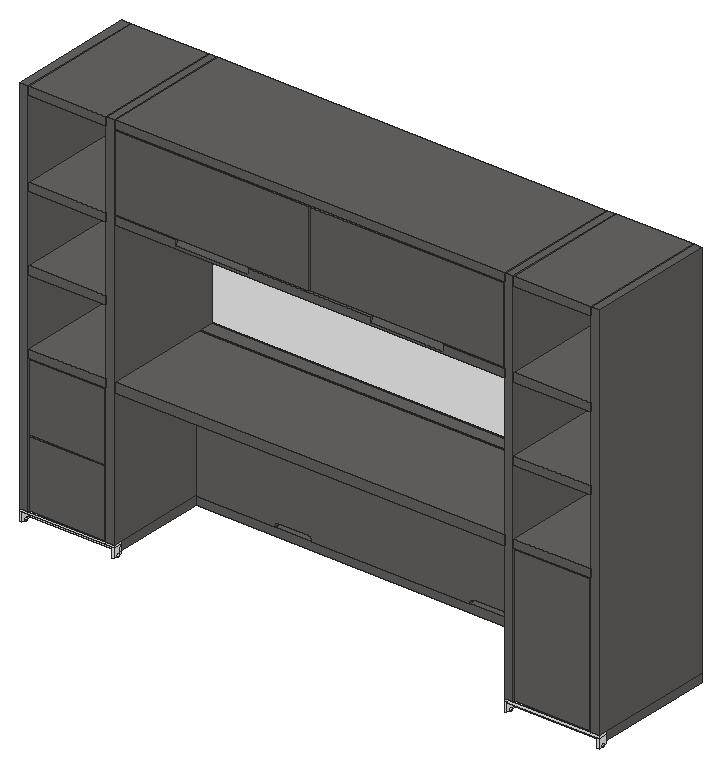
Revit family "Storage-Wall-Teknion-ZXDO_74_High_With_Lights-R2011", category Furniture Systems, Revit 2013
Parameters (values of type "(See Type Catalog)")
  Working Wall Finish [instance] = Glass - Teknion - K6 - White Backpainted
  Width = 108 105/128"
  Warranty = "http://www.teknionstudio.com/pdfs/Teknion%20Studio%20Warranty.pdf"
  Wall Unit Finish [instance] = Veneer - Teknion - P7 - Grey Oak
  Voltage = 120 V
  Unit Weight = 740.00 lbf
  URL = "www.teknionstudio.com"
  Right Storage Tower = Storage-Unit-Teknion-Tower : Upper Shelves & Lower Door
  Left Storage Tower = Storage-Unit-Teknion-Tower : Upper Shelves & File/File Pedestal
  Series = "B&B Italia"
  Product Page URL = "http://www.teknionstudio.com/acexecutive/"
  Product Line = "AC Executive"
  Product Documentation Link = "http://www.teknionstudio.com/pricing/ac_executive_storage_walls_ppg.pdf"
  Power Factor = 1
  Part Number = "ZXDO"
  Number of Poles = 1
  Model = ""
  Manufacturer Phone = "919-464-2920"
  Manufacturer Fax = "919-464-2927"
  Manufacturer Email = "customersupport@teknionstudio.com"
  Manufacturer Address = "3940 US 70 Business HWY West, Clayton, NC 27520"
  Manufacturer = "Teknion Studio"  # constant formula
  Low Emitting Material = yes
  Low Emitting Finish = yes
  Height = 73.81394"
  Description = ""
  Depth = 24"
  Assembly Code = "E2020200"
  Apparent Load = 22.8 VA
Reference planes (in)
  plane 1 "Center F/B": y = 0
  plane 2: z = 0
  plane 3 "Right": x = 46.32157
  plane 4 "Back": y = 12
  plane 5 "Front": y = -12
  plane 6 "Top": z = 73.81394
  plane 7: x = 28.60504
  plane 8: z = 29.68402
  plane 9: z = 56.1289
  plane 10: x = -44.7822
  plane 11: z = 2.1289
  plane 12 "Center (L/R)": x = -8.08858
  plane 13 "Foot Centerline": y = -11.2126
  plane 14 "Foot Centerline Front": y = -10.22835
  plane 15 "Foot Centerline Back": y = 10.22835
  plane 16: y = -8.484
  plane 17: x = -62.49874
Forms (in)
  Sweep 1, solid, material "Veneer - Teknion - P7 - Grey Oak" <- "Wall Unit Finish"
    path origin (0, 0, 0) x (1, 0, 0) y (0, 0, 1)
      loop
        line (-44.7822, 29.68402) -> (28.60504, 29.68402)
    profile origin (-8.08858, 0, 29.68402) x (0, 0, 1) y (0, -1, 0)
      loop
        line (0, 12) -> (-1.7638, 12) -> (-1.7638, -7.11393) -> (-5.30827, -7.11393) -> (-5.30827, -7.08268) -> (-27.55512, -7.08268) -> (-27.55512, -7.11393) -> (-29.0945, -7.11393) -> (-29.0945, -12) -> (-27.55512, -12) -> (-27.55512, -7.80668) -> (-5.30828, -7.80668) -> (-5.30828, -12) -> (44.12992, -12) -> (44.12992, 12) -> (42.59022, 12) -> (42.59022, 11.2126) -> (27.98392, 11.2126) -> (27.98392, 12) -> (26.44488, 12) -> (26.44488, -10.94094) -> (0, -10.94094) -> (0, -10.90969) -> (-0.72441, -10.90969) -> (-0.72441, -10.56693) -> (0, -10.56693) -> (0, -8.05709) -> (-0.72441, -8.05709) -> (-0.72441, -7.80709) -> (0, -7.80709) -> (0, 12)
  Sweep 2, solid, material "Veneer - Teknion - P7 - Grey Oak" <- "Wall Unit Finish"
    path origin (0, 0, 15.40683) x (-1, 0, 0) y (0, -1, 0)
      loop
        line (0, 12) -> (0, 11.276)
    profile origin (0, -11.638, 15.40683) x (-1, 0, 0) y (0, 0, 1)
      loop
        line (44.5315, 42.5111) -> (44.5315, 56.6174) -> (8.21358, 56.6174) -> (8.21358, 42.5111) -> (44.5315, 42.5111)
      loop
        line (7.96358, 56.6174) -> (-28.35446, 56.6174) -> (-28.35446, 42.5111) -> (7.96358, 42.5111) -> (7.96358, 56.6174)
  Sweep 3, void
    path origin (0, 0, 0) x (1, 0, 0) y (0, 0, 1)
      loop
        line (-33.3248, 56.1289) -> (-19.54528, 56.1289)
    profile origin (-26.43504, 0, 56.1289) x (0, 0, 1) y (0, -1, 0)
      loop
        line (1.53937, 12) -> (0.43699, 12) -> (1.53937, 11.52755) -> (1.53937, 12)
  Sweep 4, void
    path origin (0, 0, 0) x (1, 0, 0) y (0, 0, 1)
      loop
        line (3.36811, 56.1289) -> (17.14821, 56.1289)
    profile origin (10.25816, 0, 56.1289) x (0, 0, 1) y (0, -1, 0)
      loop
        line (1.53937, 11.52755) -> (1.53937, 12) -> (0.43699, 12) -> (1.53937, 11.52755)
  Sweep 5, void
    path origin (0, 0, 15.40683) x (-1, 0, 0) y (0, -1, 0)
      loop
        line (0, -7.80668) -> (0, -7.08268)
    profile origin (0, 7.44468, 15.40683) x (1, 0, 0) y (0, 0, 1)
      loop
        line (13.68307, 8.96892) -> (6.79331, 8.96892) -> (6.79331, 8.10396)
        arc (6.79331, 8.10396) -> (7.02393, 7.54718) -> (7.58071, 7.31655) r 0.7874
        line (7.58071, 7.31655) -> (12.89567, 7.31655)
        arc (12.89567, 7.31655) -> (13.45245, 7.54718) -> (13.68307, 8.10396) r 0.7874
        line (13.68307, 8.10396) -> (13.68307, 8.96892)
      loop
        line (6.79331, -13.27793) -> (13.68307, -13.27793) -> (13.68307, -13.12045)
        arc (13.68307, -13.12045) -> (13.46398, -12.59152) -> (12.93504, -12.37242) r 0.74803
        line (12.93504, -12.37242) -> (7.54134, -12.37242)
        arc (7.54134, -12.37242) -> (7.0124, -12.59152) -> (6.79331, -13.12045) r 0.74803
        line (6.79331, -13.12045) -> (6.79331, -13.27793)
      loop
        line (-29.86024, 8.96892) -> (-29.86024, 8.10396)
        arc (-29.86024, 8.10396) -> (-29.62961, 7.54718) -> (-29.07283, 7.31655) r 0.7874
        line (-29.07283, 7.31655) -> (-23.75787, 7.31655)
        arc (-23.75787, 7.31655) -> (-23.2011, 7.54718) -> (-22.97047, 8.10396) r 0.7874
        line (-22.97047, 8.10396) -> (-22.97047, 8.96892) -> (-29.86024, 8.96892)
      loop
        line (-22.97047, -13.27793) -> (-22.97047, -13.12045)
        arc (-22.97047, -13.12045) -> (-23.18957, -12.59152) -> (-23.7185, -12.37242) r 0.74803
        line (-23.7185, -12.37242) -> (-29.1122, -12.37242)
        arc (-29.1122, -12.37242) -> (-29.64114, -12.59152) -> (-29.86024, -13.12045) r 0.74803
        line (-29.86024, -13.12045) -> (-29.86024, -13.27793) -> (-22.97047, -13.27793)
Cuts and joins
  Sweep 3, Sweep 4, Sweep 5 cuts Sweep 1
Lines and regions (in)
  Masking region 1
    outline origin (0, 0, 15.40683) x (-1, 0, 0) y (0, -1, 0)
      loop
        line (44.7822, -12) -> (44.7822, 12) -> (-28.60504, 12) -> (-28.60504, -12) -> (44.7822, -12)
  symbolic lines, style "Elevation Swing"
    curve 1: line (-44.7822, -12, 57.66827) -> (-26.43539, -12, 72.02424)
    curve 2: line (-8.08858, -12, 57.66832) -> (-26.43539, -12, 72.02424)
    curve 3: line (-8.08858, 0, 57.66832) -> (10.25823, 0, 72.19583)
    curve 4: line (10.25823, 0, 72.19583) -> (28.60504, 0, 57.66827)
  symbolic lines, style "FurnitureSystemsHiddenLines", detail levels fine
    curve 5: line (28.60504, -11.276, 15.40683) -> (-44.7822, -11.276, 15.40683)
Dimensions and locks (in)
  equal spacing: plane 4 "Back", plane 1 "Center F/B", plane 5 "Front"
  "Depth": plane 4 "Back" to plane 5 "Front"
  locked: plane 7 to plane 3 "Right" at 17.71654
  "Height": plane 6 "Top" to plane 2
  locked: plane 8 to plane 2 at 29.68402
  locked: plane 9 to plane 8 at 26.44488
  locked: plane 11 to plane 2 at 2.1289
  locked: plane 5 "Front" to plane 13 "Foot Centerline" at 0.7874
  locked: plane 11 to Sweep 1 sketch curve at 1.53939
  locked: plane 8 to Sweep 1 sketch curve at 1.7638
  locked: plane 5 "Front" to Sweep 2 sketch curve at 0.724
  plane 6 "Top" to Sweep 2 sketch curve to Sweep 2 sketch curve = 1.7897", 14.1063"  (x2)
  Sweep 2 sketch curve to Sweep 2 sketch curve to Sweep 2 sketch curve to Sweep 2 sketch curve = 36.31805", 1/4", 36.31791"
  locked: Sweep 3 sketch curve to Sweep 3 sketch curve at 13.77953
  locked: Sweep 3 sketch curve to plane 9 at 1.53937
  locked: Sweep 3 sketch curve to plane 9 at 0.43699
  locked: plane 5 "Front" to Sweep 3 sketch curve at 0.47245
  Sweep 4 sketch curve to Sweep 4 sketch curve to plane 9 = 1.10238" locked, 0.43699" locked
  locked: plane 5 "Front" to Sweep 4 sketch curve at 0.47245
  locked: Sweep 5 sketch curve to plane 11 at 0.90551  (x2)
  locked: Sweep 5 sketch curve to Sweep 5 sketch curve at 6.88976  (x4)
  plane 8 to Sweep 5 sketch curve to Sweep 5 sketch curve = 5.30827" locked, 1 167/256" locked  (x2)
  plane 4 "Back" to Sweep 5 sketch curve to Sweep 5 sketch curve = 4.19332" locked, 0.724" locked
  equal spacing: plane 12 "Center (L/R)", curve 2, plane 10
  equal spacing: plane 7, curve 4, plane 12 "Center (L/R)"
  locked: plane 5 "Front" to curve 5 at 0.724
  locked: plane 4 "Back" to plane 15 "Foot Centerline Back" at 1.77165
  locked: plane 5 "Front" to plane 14 "Foot Centerline Front" at 1.77165
  locked: plane 5 "Front" to plane 16 at 3.516
  locked: plane 17 to plane 10 at 17.71654
  equal spacing: plane 17, plane 12 "Center (L/R)", plane 3 "Right"
  "Width": plane 17 to plane 3 "Right"
  aligned and locked: level to plane 2
  aligned and locked: nested 1 to plane 3 "Right"
  aligned and locked: plane 10 to Sweep 1 sketch curve
  aligned and locked: plane 7 to Sweep 1 sketch curve
  aligned and locked: Sweep 1 sketch curve to plane 8  (x4)
  aligned and locked: Sweep 1 sketch curve to plane 5 "Front"
  aligned and locked: plane 4 "Back" to Sweep 1 sketch curve
  aligned and locked: plane 5 "Front" to Sweep 2 sketch curve
  aligned and locked: Sweep 1 sketch curve to plane 9
  aligned and locked: Sweep 3 sketch curve to plane 9
  aligned and locked: Sweep 4 sketch curve to plane 9
  aligned and locked: Sweep 4 sketch curve to plane 5 "Front"
  aligned and locked: Sweep 5 sketch curve to plane 11
  aligned and locked: plane 10 to curve 1
  aligned and locked: plane 12 "Center (L/R)" to curve 2
  aligned and locked: Sweep 2 to curve 2
  aligned and locked: plane 7 to curve 4
  aligned and locked: plane 12 "Center (L/R)" to curve 3
  aligned and locked: Masking region 1 sketch curve to plane 4 "Back"
  aligned and locked: Masking region 1 sketch curve to plane 5 "Front"
  aligned and locked: Masking region 1 sketch curve to nested 1
  aligned and locked: plane 7 to curve 5
  aligned and locked: plane 5 "Front" to Sweep 3 sketch curve
  aligned and locked: Sweep 1 sketch curve to plane 6 "Top"
  aligned and locked: plane 13 "Foot Centerline" to Sweep 1 sketch curve
  aligned and locked: plane 5 "Front" to Sweep 1 sketch curve  (x2)
  aligned and locked: plane 2 to nested 1
  aligned and locked: plane 1 "Center F/B" to nested 1
  aligned: plane 9 to nested 2
  aligned: plane 12 "Center (L/R)" to nested 2
  aligned and locked: nested 2 to plane 16
  aligned and locked: plane 9 to nested 2
  aligned and locked: plane 12 "Center (L/R)" to nested 2
  aligned and locked: plane 11 to Sweep 5 sketch curve
  aligned and locked: plane 10 to Masking region 1 sketch curve
  aligned and locked: nested 3 to plane 17
  aligned and locked: nested 3 to plane 1 "Center F/B"
  aligned and locked: Sweep 1 sketch curve to plane 4 "Back"
  aligned and locked: Sweep 1 sketch curve to plane 11
Automatic sketch dimensions
  Sweep 4 sketch curve to plane 7 = 11.45683"
  plane 9 to curve 2 = 1.53942"
  plane 9 to curve 1 = 1.53937"
  plane 9 to curve 4 = 1.53937"
  plane 9 to curve 3 = 1.53942"
  curve 3 to plane 6 "Top" = 1.61811"
  Sweep 5 sketch curve to Sweep 5 sketch curve = 0.7874"  (x5)
  Sweep 5 sketch curve to Sweep 5 sketch curve = 0.74803"  (x3)
  Sweep 5 sketch curve to Sweep 5 sketch curve = 0.15748"
  plane 12 "Center (L/R)" to Sweep 2 sketch curve = 8.08858"
  plane 12 "Center (L/R)" to Sweep 4 sketch curve = 11.45669"
  plane 12 "Center (L/R)" to Sweep 5 sketch curve = 8.08858"
  profile plane to Sweep 5 sketch curve = 29.86024"
  Sweep 5 sketch curve to profile plane = 6.79331"  (x2)
  curve 5 to plane 10 = 0"
  Sweep 1 sketch curve to Sweep 1 sketch curve = 0"  (x2)
  profile plane to Sweep 1 sketch curve = 5.30828"
  profile plane to Sweep 1 sketch curve = 0.72441"  (x2)
  Sweep 1 sketch curve to Sweep 1 sketch curve = 1.53904"
  Sweep 1 sketch curve to Sweep 1 sketch curve = 1.5397"
  Sweep 1 sketch curve to Sweep 1 sketch curve = 1.05906"
  Sweep 1 sketch curve to Sweep 1 sketch curve = 1/32"  (x2)
  Sweep 1 sketch curve to Sweep 1 sketch curve = 0.34277"
  Sweep 1 sketch curve to Sweep 1 sketch curve = 2.50984"
  Sweep 1 sketch curve to Sweep 1 sketch curve = 1/4"
  Sweep 1 sketch curve to Sweep 1 sketch curve = 4.19332"
  Sweep 1 sketch curve to Sweep 1 sketch curve = 4.88607"
  Sweep 1 sketch curve to Sweep 1 sketch curve = 0.69316"
Nested families (in)
  nested 1: "Storage-Unit-Teknion-Tower" at (37.46331, 0, 0), Height <- "Height", type <- "Right Storage Tower", type "Upper Shelves & Lower Door"
    with Height 73.81394", Has Top Shelf no, Has Right Leg yes, Has Left Leg yes, Bottom Drawer Height 26.016"
  nested 2: "Lighting-Teknion-Storage_Wall" at (-8.08858, 0.12401, 56.1289), type "Lighting-Teknion-Storage_Wall"
  nested 3: "Storage-Unit-Teknion-Tower" at (-53.64047, 0, 0) x (-1, 0, 0) z (0, 0, 1), type <- "Left Storage Tower", Height <- "Height", type "Upper Shelves & File/File Pedestal"
    with Height 73.81394", Has Top Shelf no, Has Right Leg yes, Has Left Leg yes, Bottom Drawer Height 13.047"
Connectors (in)
  electrical at (-8.08858, 12, 49.09483), driven by "Number of Poles", driven by "Voltage", driven by "Apparent Load", driven by "Power Factor"
    settings: on cut or joined group of Sweep 1, Sweep 3, Sweep 4, Sweep 5, index 1, voltage 120 V, apparent load 0 VA, apparent load phase1 22.8 VA, apparent load phase2 0 VA, apparent load phase3 0 VA, power factor 1, load classification "Other", number of poles 1, system type 31, power factor state 1, is connector primary yes, connector utility no, sub classification motor no, connector description "Electrical Connector"
Definition of nested family "Storage-Unit-Teknion-Tower"
  Parameters (values of type "Upper Wardrobe & Lower Door")
    Width = 17.71654"
    Warranty = "http://www.teknionstudio.com/pdfs/Teknion%20Studio%20Warranty.pdf"
    Wall Unit Finish = Veneer - Teknion - P8 - Light Brushed Oak
    URL = "www.teknionstudio.com"
    Series = "B&B Italia"  # constant formula
    Product Line = "AC Executive"  # constant formula
    Model = ""
    Middle Drawer Height = if(Has Top Drawer, 6.425", 12.719")  # 12.719"
    Manufacturer Phone = "919-464-2920"
    Manufacturer Fax = "919-464-2927"
    Manufacturer Email = "customersupport@teknionstudio.com"
    Manufacturer Address = "3940 US 70 Business HWY West, Clayton, NC 27520"
    Manufacturer = "Teknion Studio"  # constant formula
    Height [instance] = 73.81394"
    Has Top Shelf [instance] = and(Height > 75", Has Shelves)  # no
    Has Top Drawer = no
    Has Top Door = yes
    Has Shelves = no
    Has Right Leg [instance] = yes
    Has Middle Drawer = no
    Has Lower Shelf = yes
    Has Left Leg [instance] = no
    Has Full Wardrobe Door = no
    Has Doors = yes
    Door Projection Symbol = yes
    Description = "Tower Storage Unit"
    Depth = 24"
    Bottom Drawer Height [instance] = if(Has Middle Drawer, 13.047", if(Has Top Drawer, 13.047", if(Has Full Wardrobe Door, (Height - 3.668"), 26.016")))  # 26.016"
    Assembly Code = "E2010200"
  Types (7): name | Middle Drawer Height | Has Top Drawer | Has Top Door | Has Shelves | Has Middle Drawer | Has Lower Shelf | Has Full Wardrobe Door | Has Doors | Door Projection Symbol | Bottom Drawer Height
    Upper Shelves & Lower Door | 12.719" | no | no | yes | no | yes | no | yes | yes | 26.016"
    Upper Shelves & File/File Pedestal | 12.719" | no | no | yes | yes | yes | no | no | no | 13.047"
    Upper Shelves & Box/Box/File Pedestal | 6.425" | yes | no | yes | yes | yes | yes | no | no | 13.047"
    Full Wardrobe | 12.719" | no | no | no | no | no | yes | yes | yes | 70.14594"
    Upper Wardrobe & Lower Door | 12.719" | no | yes | no | no | yes | no | yes | yes | 26.016"
    Upper Wardrobe & File/File Pedestal | 12.719" | no | yes | no | yes | yes | no | no | yes | 13.047"
    Upper Wardrobe & Box/Box/File Pedestal | 6.425" | yes | yes | no | yes | yes | no | no | yes | 13.047"
  Reference planes (in)
    plane 1 "Center F/B": y = 0
    plane 2: z = 0
    plane 3 "Center L/R": x = 0
    plane 4 "Left": x = -8.85827
    plane 5 "Right": x = 8.85827
    plane 6 "Back": y = 12
    plane 7 "Front": y = -12
    plane 8 "Top": z = 73.81394
    plane 9: x = -7.3189
    plane 10: x = 7.3189
    plane 11: z = 2.1289
    plane 12 "Foot Centerline": y = -11.2126
    plane 13: z = 29.68402
    plane 14 "Drawer 1 Top": z = 28.1449
    plane 15 "Drawer 2 Top": z = 40.8639
    plane 16 "Drawer 3 Top": z = 27.89502
    plane 17: z = 42.13677
  Forms (in)
    Sweep 1, solid, material "Metal - Teknion - C6 - Chrome", visible <- "Has Left Leg"
      path origin (0, -12, 0) x (1, 0, 0) y (0, 0, 1)
        loop
          line (-8.85827, 1.7349) -> (-8.85827, 0.05803)
      profile origin (-8.85827, -12, 0.89646) x (0, -1, 0) y (1, 0, 0)
        loop
          line (-1.5748, 0) -> (0, 0) -> (0, 0.394) -> (-1.5748, 0.394) -> (-1.5748, 0)
    Sweep 2, solid, material "Metal - Teknion - C6 - Chrome"
      path origin (0, -12, 0) x (1, 0, 0) y (0, 0, 1)
        loop
          line (-8.85827, 2.1289) -> (8.46427, 2.1289)
      profile origin (-0.197, -12, 2.1289) x (0, 0, 1) y (0, -1, 0)
        loop
          line (-0.394, -1.5748) -> (-0.394, -1.3778) -> (-1.575, -1.3778) -> (-1.575, -1.5748) -> (-0.394, -1.5748)
    Revolve 3, solid, material "Metal - Teknion - C6 - Chrome"
      sketch origin (0, -11.2126, 0) x (0, 0, -1) y (1, 0, 0)
        loop
          line (-0.4911, 8.32677) -> (-0.45173, 8.2874) -> (-0.28492, 8.2874) -> (-0.24555, 8.32677) -> (-0.20618, 8.2874) -> (-0.03937, 8.2874) -> (0, 8.32677) -> (0, 8.66142) -> (-0.4911, 8.66142) -> (-0.4911, 8.32677)
        axis (0, 8.66142) -> (-0.4911, 8.66142)
      angle from 0 to 360
    Revolve 4, solid, material "Metal - Teknion - C6 - Chrome", visible <- "Has Left Leg"
      sketch origin (0, -11.2126, 0) x (0, 0, -1) y (1, 0, 0)
        loop
          line (0, -8.99606) -> (0, -8.66142) -> (-0.4911, -8.66142) -> (-0.4911, -8.99606) -> (-0.45173, -9.03543) -> (-0.28492, -9.03543) -> (-0.24555, -8.99606) -> (-0.20618, -9.03543) -> (-0.03937, -9.03543) -> (0, -8.99606)
        axis (0, -8.66142) -> (-0.4911, -8.66142)
      angle from 0 to 360
    Sweep 5, solid, material "Veneer - Teknion - P8 - Light Brushed Oak" <- "Wall Unit Finish"
      path origin (0, 0, 0) x (1, 0, 0) y (0, 0, 1)
        loop
          line (0, 2.1289) -> (0, 73.81394)
      profile origin (0, 0, 37.97142) x (-1, 0, 0) y (0, -1, 0)
        loop
          line (8.85827, -12) -> (8.85827, 12) -> (7.3189, 12) -> (7.3189, -12) -> (8.85827, -12)
        loop
          line (-7.3189, 12) -> (-8.85827, 12) -> (-8.85827, -12) -> (-7.3189, -12) -> (-7.3189, 12)
    Sweep 6, solid, material "Veneer - Teknion - P8 - Light Brushed Oak" <- "Wall Unit Finish"
      path origin (0, 0, 15.40683) x (-1, 0, 0) y (0, -1, 0)
        loop
          line (0, -12) -> (0, 12)
      profile origin (0, 0, 15.40683) x (1, 0, 0) y (0, 0, 1)
        loop
          line (-7.3189, 58.4071) -> (-7.3189, 56.86773) -> (7.3189, 56.86773) -> (7.3189, 58.4071) -> (-7.3189, 58.4071)
    Sweep 7, solid, material "Veneer - Teknion - P8 - Light Brushed Oak" <- "Wall Unit Finish"
      path origin (0, -12, 0) x (1, 0, 0) y (0, 0, 1)
        loop
          line (0, 2.1289) -> (0, 72.27457)
      profile origin (0, -12, 37.20173) x (-1, 0, 0) y (0, -1, 0)
        loop
          line (7.3189, -24) -> (7.3189, -23.25) -> (-7.3189, -23.25) -> (-7.3189, -24) -> (7.3189, -24)
    Sweep 8, solid, material "Veneer - Teknion - P8 - Light Brushed Oak" <- "Wall Unit Finish", visible <- "Has Lower Shelf"
      path origin (0, -12, 0) x (1, 0, 0) y (0, 0, 1)
        loop
          line (-7.3189, 29.68402) -> (7.3189, 29.68402)
      profile origin (0, -12, 29.68402) x (0, 0, 1) y (0, -1, 0)
        loop
          line (0, 0) -> (-1.539, 0) -> (-1.539, -0.724) -> (-27.55512, -0.724) -> (-27.55512, -23.25) -> (0, -23.25) -> (0, 0)
    Sweep 9, solid, material "Veneer - Teknion - P8 - Light Brushed Oak" <- "Wall Unit Finish"
      path origin (0, -12, 0) x (1, 0, 0) y (0, 0, 1)
        loop
          line (0, 2.3789) -> (0, 27.8949)
      profile origin (0, -12, 15.1369) x (-1, 0, 0) y (0, -1, 0)
        loop
          line (7.0689, -0.724) -> (7.0689, 0) -> (-7.0689, 0) -> (-7.0689, -0.724) -> (7.0689, -0.724)
    Sweep 10, solid, material "Veneer - Teknion - P8 - Light Brushed Oak" <- "Wall Unit Finish", visible <- "Has Middle Drawer"
      path origin (0, -12, 0) x (1, 0, 0) y (0, 0, 1)
        loop
          line (0, 28.1449) -> (0, 40.8639)
      profile origin (0, -12, 34.5044) x (-1, 0, 0) y (0, -1, 0)
        loop
          line (7.0689, -0.724) -> (7.0689, 0) -> (-7.0689, 0) -> (-7.0689, -0.724) -> (7.0689, -0.724)
    Sweep 11, solid, material "Veneer - Teknion - P8 - Light Brushed Oak" <- "Wall Unit Finish", visible <- "Has Top Drawer"
      path origin (0, -12, 0) x (1, 0, 0) y (0, 0, 1)
        loop
          line (0, 47.15802) -> (0, 41.1139)
      profile origin (0, -12, 44.13596) x (0, -1, 0) y (1, 0, 0)
        loop
          line (0, 7.0689) -> (-0.724, 7.0689) -> (-0.724, -7.0689) -> (0, -7.0689) -> (0, 7.0689)
    Sweep 12, solid, material "Veneer - Teknion - P8 - Light Brushed Oak" <- "Wall Unit Finish", visible <- "Has Shelves"
      path origin (0, -12, 0) x (1, 0, 0) y (0, 0, 1)
        loop
          line (0, 42.13677) -> (0, 43.67614)
      profile origin (0, -12, 42.90646) x (-1, 0, 0) y (0, -1, 0)
        loop
          line (7.3189, -23.25) -> (7.3189, 0) -> (-7.3189, 0) -> (-7.3189, -23.25) -> (7.3189, -23.25)
    Sweep 13, solid, material "Veneer - Teknion - P8 - Light Brushed Oak" <- "Wall Unit Finish", visible <- "Has Shelves"
      path origin (0, -12, 13.9918) x (1, 0, 0) y (0, 0, 1)
        loop
          line (0, 42.13677) -> (0, 43.67614)
      profile origin (0, -12, 56.89825) x (-1, 0, 0) y (0, -1, 0)
        loop
          line (7.3189, -23.25) -> (7.3189, 0) -> (-7.3189, 0) -> (-7.3189, -23.25) -> (7.3189, -23.25)
    Sweep 14, solid, material "Veneer - Teknion - P8 - Light Brushed Oak" <- "Wall Unit Finish", visible <- "Has Top Door"
      path origin (0, -12, 0) x (1, 0, 0) y (0, 0, 1)
        loop
          line (0, 29.93402) -> (0, 72.02457)
      profile origin (0, -12, 50.97929) x (-1, 0, 0) y (0, -1, 0)
        loop
          line (7.0689, -0.724) -> (7.0689, 0) -> (-7.0689, 0) -> (-7.0689, -0.724) -> (7.0689, -0.724)
    Sweep 15, solid, material "Veneer - Teknion - P8 - Light Brushed Oak" <- "Wall Unit Finish"
      path origin (0, -12, 0) x (1, 0, 0) y (0, 0, 1)
        loop
          line (-8.85827, 2.1289) -> (8.85827, 2.1289)
      profile origin (0, -12, 2.1289) x (0, 0, 1) y (0, -1, 0)
        loop
          line (0, -1.5748) -> (-1.53937, -1.5748) -> (-1.53937, -24) -> (0, -24) -> (0, -1.5748)
    Sweep 16, solid, material "Veneer - Teknion - P8 - Light Brushed Oak" <- "Wall Unit Finish", visible <- "Has Top Shelf"
      path origin (0, 0, 0) x (1, 0, 0) y (0, 0, 1)
        loop
          line (0, 73.81394) -> (0, 72.27457)
      profile origin (0, 0, 73.04425) x (0, -1, 0) y (1, 0, 0)
        loop
          line (-11.25, -7.3189) -> (12, -7.3189) -> (12, 7.3189) -> (-11.25, 7.3189) -> (-11.25, -7.3189)
    Sweep 17, solid, material "Metal - Teknion - C6 - Chrome"
      path origin (0, 0, 0) x (1, 0, 0) y (0, 0, 1)
        loop
          line (-8.85827, 2.1289) -> (8.85827, 2.1289)
      profile origin (0, 0, 2.1289) x (0, 0, 1) y (0, -1, 0)
        loop
          line (0, 10.4252) -> (0, 12) -> (-0.394, 12) -> (-0.394, 10.4252) -> (0, 10.4252)
    Sweep 18, solid, material "Metal - Teknion - C6 - Chrome"
      path origin (0, 0, 0) x (1, 0, 0) y (0, 0, 1)
        loop
          line (8.85827, 1.7349) -> (8.85827, 0.05803)
      profile origin (8.85827, 0, 0.89646) x (0, -1, 0) y (1, 0, 0)
        loop
          line (10.4252, -0.394) -> (12, -0.394) -> (12, 0) -> (10.4252, 0) -> (10.4252, -0.394)
  Lines and regions (in)
    Masking region 1
      outline origin (0, 0, 15.40683) x (-1, 0, 0) y (0, -1, 0)
        loop
          line (8.85827, -12) -> (8.85827, 12) -> (-8.85827, 12) -> (-8.85827, -12) -> (8.85827, -12)
    symbolic lines, style "FurnitureSystems", detail levels medium+fine
      curve 1: line (-7.3189, 12, 15.40683) -> (-7.3189, -12, 15.40683)
      curve 2: line (7.3189, 12, 15.40683) -> (7.3189, -12, 15.40683)
    symbolic lines, style "FurnitureSystemsHiddenLines", detail levels fine
      curve 3: line (-7.3189, -11.276, 15.40683) -> (7.3189, -11.276, 15.40683)
    symbolic lines, style "Elevation Swing", visible <- "Has Doors"
      curve 4: line (-7.3189, -12, 2.1289) -> (7.3189, -12, 15.1369)
      curve 5: line (7.3189, -12, 15.1369) -> (-7.3189, -12, 28.1449)
    symbolic lines, style "Elevation Swing", visible <- "Has Top Door"
      curve 6: line (-7.3189, -12, 29.68402) -> (7.3189, -12, 50.97929)
      curve 7: line (7.3189, -12, 50.97929) -> (-7.3189, -12, 72.27457)
    symbolic lines, style "FurnitureSystems", visible <- "Door Projection Symbol"
      curve 8: arc (-7.3189, -12, 0) -> (-3.03159, -22.35048, 0) -> (7.3189, -26.6378, 0) r 14.6378
    symbolic lines, visible <- "Door Projection Symbol"
      curve 9: line (7.3189, -12, 15.40683) -> (7.3189, -26.6378, 15.40683)
  Dimensions and locks (in)
    equal spacing: plane 4 "Left", plane 3 "Center L/R", plane 5 "Right"
    "Width": plane 4 "Left" to plane 5 "Right"
    equal spacing: plane 6 "Back", plane 1 "Center F/B", plane 7 "Front"
    "Depth": plane 6 "Back" to plane 7 "Front"
    locked: plane 4 "Left" to plane 9 at 1.53937
    locked: plane 10 to plane 5 "Right" at 1.53937
    "Height": plane 8 "Top" to level
    locked: Sweep 1 sketch curve to level at 0.05803
    locked: plane 11 to plane 2 at 2.1289
    plane 11 to Sweep 2 sketch curve to Sweep 2 sketch curve = 0.394" locked, 1.181" locked
    plane 7 "Front" to Sweep 2 sketch curve to Sweep 2 sketch curve = 1.3778" locked, 0.197" locked
    locked: Revolve 3 sketch curve to plane 2 at 0.4911  (x2)
    locked: plane 5 "Right" to Revolve 3 sketch curve at 0.57087
    locked: plane 7 "Front" to plane 12 "Foot Centerline" at 0.7874
    Revolve 3 sketch curve to Revolve 3 sketch curve to Revolve 3 sketch curve to Revolve 3 sketch curve to plane 2 = 0.16681" locked, 0.07874" locked, 0.16681" locked, 0.03937" locked
    locked: Revolve 4 sketch curve to plane 2 at 0.4911  (x2)
    locked: Revolve 4 sketch curve to Revolve 4 sketch curve at 0.37402
    Revolve 4 sketch curve to Revolve 4 sketch curve to Revolve 4 sketch curve to Revolve 4 sketch curve to plane 2 = 0.16681" locked, 0.07874" locked, 0.16681" locked, 0.03937" locked
    locked: Revolve 4 sketch curve to plane 4 "Left" at 0.19685
    locked: plane 8 "Top" to Sweep 6 sketch curve at 1.53937
    locked: plane 8 "Top" to Sweep 7 sketch curve at 1.53937
    locked: plane 6 "Back" to Sweep 7 sketch curve at 0.75
    locked: plane 13 to plane 2 at 29.68402
    locked: plane 7 "Front" to Sweep 8 sketch curve at 0.724
    locked: plane 13 to Sweep 8 sketch curve at 1.539
    locked: plane 13 to plane 16 "Drawer 3 Top" at 1.789
    "Bottom Drawer Height": plane 14 "Drawer 1 Top" to plane 11
    "Middle Drawer Height": plane 15 "Drawer 2 Top" to plane 14 "Drawer 1 Top"
    locked: plane 14 "Drawer 1 Top" to Sweep 9 sketch curve at 0.25
    locked: plane 7 "Front" to Sweep 9 sketch curve at 0.724
    locked: Sweep 10 sketch curve to plane 12 "Foot Centerline" at 0.0634
    locked: plane 7 "Front" to Sweep 11 sketch curve at 0.724
    locked: plane 17 to plane 13 at 12.45276
    group 1 to group 2 = 0"  (x2)
    group 1 to group 2 = 13.9918"
    locked: Sweep 13 to plane 17 at 13.9918
    locked: plane 8 "Top" to Sweep 14 sketch curve at 1.78937
    locked: Sweep 14 sketch curve to plane 13 at 0.25
    locked: plane 7 "Front" to Sweep 14 sketch curve at 0.724
    locked: plane 11 to Sweep 15 sketch curve at 1.53937
    locked: plane 7 "Front" to Sweep 15 sketch curve at 1.5748
    equal spacing: Sweep 6, curve 7, plane 13
    equal spacing: plane 14 "Drawer 1 Top", curve 5, plane 11
    locked: plane 6 "Back" to Sweep 16 sketch curve at 0.75
    Sweep 16 sketch curve to Sweep 16 sketch curve to plane 2 = 1.53937" locked, 72.27457" locked
    locked: Sweep 9 sketch curve to plane 11 at 0.25
    locked: plane 9 to Sweep 9 sketch curve at 0.25
    locked: Sweep 9 sketch curve to plane 10 at 0.25
    locked: Sweep 11 sketch curve to plane 15 "Drawer 2 Top" at 0.25
    locked: plane 9 to Sweep 11 sketch curve at 0.25
    locked: Sweep 11 sketch curve to plane 10 at 0.25
    locked: Sweep 10 sketch curve to plane 10 at 0.25
    locked: plane 9 to Sweep 10 sketch curve at 0.25
    locked: Sweep 11 sketch curve to Sweep 11 sketch curve at 6.04412
    locked: Sweep 14 sketch curve to plane 10 at 0.25
    locked: plane 9 to Sweep 14 sketch curve at 0.25
    locked: plane 4 "Left" to Sweep 1 sketch curve at 0.394
    locked: plane 7 "Front" to Sweep 1 sketch curve at 1.5748
    locked: plane 11 to Sweep 1 sketch curve at 0.394
    locked: Sweep 17 sketch curve to plane 7 "Front" at 1.5748
    locked: plane 11 to Sweep 17 sketch curve at 0.394
    locked: Sweep 18 sketch curve to plane 2 at 0.05803
    locked: Sweep 18 sketch curve to plane 5 "Right" at 0.394
    locked: plane 7 "Front" to Sweep 18 sketch curve at 1.5748
    locked: plane 11 to Sweep 18 sketch curve at 0.394
    locked: plane 5 "Right" to Sweep 2 sketch curve at 0.394
    aligned and locked: level to plane 2
    aligned and locked: Sweep 1 sketch curve to plane 4 "Left"
    aligned and locked: Sweep 2 sketch curve to plane 11
    aligned and locked: plane 2 to Revolve 3 sketch curve
    aligned and locked: Revolve 3 sketch curve to plane 2
    aligned and locked: plane 2 to Revolve 4 sketch curve
    aligned and locked: Revolve 4 sketch curve to plane 2
    aligned and locked: plane 8 "Top" to Sweep 5 sketch curve
    aligned and locked: plane 11 to Sweep 5 sketch curve
    aligned and locked: plane 3 "Center L/R" to Sweep 5 sketch curve
    aligned and locked: Sweep 5 sketch curve to plane 6 "Back"
    aligned and locked: plane 6 "Back" to Sweep 5 sketch curve
    aligned and locked: Sweep 5 sketch curve to plane 10
    aligned and locked: plane 5 "Right" to Sweep 5 sketch curve
    aligned and locked: Sweep 5 sketch curve to plane 9
    aligned and locked: plane 4 "Left" to Sweep 5 sketch curve
    aligned and locked: Sweep 5 sketch curve to plane 7 "Front"
    aligned and locked: plane 7 "Front" to Sweep 5 sketch curve
    aligned and locked: plane 6 "Back" to Sweep 6 sketch curve
    aligned and locked: plane 7 "Front" to Sweep 6 sketch curve
    aligned and locked: Sweep 6 sketch curve to plane 3 "Center L/R"
    aligned and locked: plane 9 to Sweep 6 sketch curve
    aligned and locked: Sweep 6 sketch curve to plane 8 "Top"
    aligned and locked: Sweep 6 sketch curve to plane 10
    aligned and locked: plane 11 to Sweep 7 sketch curve
    aligned and locked: plane 3 "Center L/R" to Sweep 7 sketch curve
    aligned and locked: plane 9 to Sweep 7 sketch curve
    aligned and locked: Sweep 7 sketch curve to plane 10
    aligned and locked: Sweep 7 sketch curve to plane 6 "Back"
    aligned and locked: plane 9 to Sweep 8 sketch curve
    aligned and locked: plane 10 to Sweep 8 sketch curve
    aligned and locked: Sweep 8 sketch curve to plane 13  (x2)
    aligned and locked: plane 7 "Front" to Sweep 8 sketch curve
    aligned and locked: Sweep 8 sketch curve to plane 11
    aligned and locked: plane 3 "Center L/R" to Sweep 9 sketch curve
    aligned and locked: Sweep 9 sketch curve to plane 7 "Front"
    aligned and locked: plane 15 "Drawer 2 Top" to Sweep 10 sketch curve
    aligned and locked: plane 14 "Drawer 1 Top" to Sweep 10 sketch curve
    aligned and locked: plane 3 "Center L/R" to Sweep 10 sketch curve
    aligned and locked: plane 7 "Front" to Sweep 10 sketch curve
    aligned and locked: Sweep 11 sketch curve to plane 3 "Center L/R"
    aligned and locked: Sweep 11 sketch curve to plane 7 "Front"
    aligned and locked: Sweep 13 to plane 9
    aligned and locked: plane 3 "Center L/R" to Sweep 14 sketch curve
    aligned and locked: Sweep 14 sketch curve to plane 7 "Front"
    aligned and locked: plane 4 "Left" to Sweep 15 sketch curve
    aligned and locked: plane 5 "Right" to Sweep 15 sketch curve
    aligned and locked: Sweep 15 sketch curve to plane 11  (x2)
    aligned and locked: Sweep 15 sketch curve to plane 6 "Back"
    aligned and locked: plane 4 "Left" to Masking region 1 sketch curve
    aligned and locked: Masking region 1 sketch curve to plane 6 "Back"
    aligned and locked: Masking region 1 sketch curve to plane 5 "Right"
    aligned and locked: Masking region 1 sketch curve to plane 7 "Front"
    aligned and locked: plane 6 "Back" to curve 1
    aligned and locked: curve 1 to plane 9
    aligned and locked: plane 7 "Front" to curve 2
    aligned and locked: plane 6 "Back" to curve 2
    aligned and locked: curve 2 to plane 10
    aligned and locked: plane 9 to curve 3
    aligned and locked: plane 10 to curve 3
    aligned and locked: curve 3 to Sweep 14
    aligned and locked: plane 11 to curve 4
    aligned and locked: plane 9 to curve 4
    aligned and locked: plane 10 to curve 5
    aligned and locked: plane 9 to curve 5
    aligned and locked: plane 14 "Drawer 1 Top" to curve 5
    aligned and locked: plane 13 to curve 6
    aligned and locked: plane 9 to curve 6
    aligned and locked: plane 9 to curve 7
    aligned and locked: curve 7 to Sweep 6
    aligned and locked: plane 7 "Front" to curve 8
    aligned and locked: curve 8 to plane 10
    aligned and locked: Sweep 16 sketch curve to plane 3 "Center L/R"
    aligned and locked: plane 9 to Sweep 16 sketch curve
    aligned and locked: Sweep 16 sketch curve to plane 10
    aligned and locked: Sweep 16 sketch curve to plane 7 "Front"
    aligned and locked: plane 4 "Left" to Sweep 17 sketch curve
    aligned and locked: plane 5 "Right" to Sweep 17 sketch curve
    aligned and locked: Sweep 17 sketch curve to plane 11  (x2)
    aligned and locked: Sweep 17 sketch curve to plane 7 "Front"
    aligned and locked: Sweep 18 sketch curve to plane 5 "Right"  (x2)
    aligned and locked: Sweep 18 sketch curve to plane 7 "Front"
    aligned and locked: plane 4 "Left" to Sweep 2 sketch curve
  Automatic sketch dimensions
    Revolve 3 sketch curve to Revolve 3 sketch curve = 0.03937"  (x3)
    Revolve 3 sketch curve to Revolve 3 sketch curve = 0"  (x2)
    Revolve 3 sketch curve to plane 5 "Right" = 0.19685"
    Revolve 4 sketch curve to Revolve 4 sketch curve = 0.03937"  (x3)
    Revolve 4 sketch curve to Revolve 4 sketch curve = 0"  (x2)
    Sweep 12 sketch curve to Sweep 12 sketch curve = 1.53937"
    profile plane to Sweep 12 sketch curve = 0"
    profile plane to Sweep 12 sketch curve = 7.3189"
    Sweep 12 sketch curve to profile plane = 7.3189"
    Sweep 12 sketch curve to profile plane = 23 1/4"
    Sweep 13 sketch curve to Sweep 13 sketch curve = 1.53937"
    profile plane to Sweep 13 sketch curve = 0"
    profile plane to Sweep 13 sketch curve = 7.3189"
    Sweep 13 sketch curve to profile plane = 7.3189"
    Sweep 13 sketch curve to profile plane = 23 1/4"
    Sweep 8 sketch curve to Sweep 8 sketch curve = 22.526"
    curve 7 to plane 10 = 0"
    curve 8 to plane 9 = 0"
    plane 7 "Front" to curve 1 = 0"
    plane 7 "Front" to curve 9 = 14.6378"
    Sweep 1 sketch curve to profile plane = 0"
    plane 7 "Front" to Sweep 1 sketch curve = 0"
Definition of nested family "Lighting-Teknion-Storage_Wall"
  Parameters (values of type "Lighting-Teknion-Storage_Wall")
    Wattage = 4.03926 W
    built-in parameter 1150110 = 1 (stored number, unit not read)
    built-in parameter 1114217 = 1 (stored number, unit not read)
    built-in parameter 1150109 = 1 (stored number, unit not read)
    built-in parameter 1150134 = 1
    built-in parameter 1150113 = 1 (stored number, unit not read)
    Offset From Reference Level = 0"
    Lumens = 600 lm
    built-in parameter 1150115 = 1 (stored number, unit not read)
    built-in parameter 1150105 = 190.99 (stored number, unit not read)
    Light Source Symbol Size = 3"
    built-in parameter 1150137 = (empty or 0)
    built-in parameter 1150139 = (empty or 0)
    built-in parameter 1150112 = 1 (stored number, unit not read)
    built-in parameter 1150114 = 1 (stored number, unit not read)
    built-in parameter 1150132 = 2
    built-in parameter 1150102 = (empty or 0)
    built-in parameter 1150138 = (empty or 0)
    built-in parameter 1150107 = 6500 (stored number, unit not read)
    built-in parameter 1150106 = 1.9099 (stored number, unit not read)
    Emit from Line Length = 68"
    built-in parameter 1150104 = 13.8 (stored number, unit not read)
    Dimming Lamp Color Temperature Shift = 1
    Default Elevation = 48"
    Color Filter = 16776172
    built-in parameter 1114218 = 1 (stored number, unit not read)
    built-in parameter 1150133 = 10 (stored number, unit not read)
    Assembly Code = ""
  Reference planes (in)
    plane 1 "Light Source Axis (F/B)": y = -8.60801
    plane 2: z = 0
    plane 3 "Light Source Axis (L/R)": x = 0
    plane 4 "Light Source Elevation": z = 0
    plane 5: z = 0
    plane 6: x = -36.6875
    plane 7: x = 36.6875
  Forms (in)
    Sweep 1, solid, material "Glass - Teknion - CL - Clear"
      path origin (0, 0, 0) x (1, 0, 0) y (0, 1, 0)
        loop
          line (-36.6875, -8.60801) -> (36.6875, -8.60801)
      profile origin (0, -8.60801, 0) x (0, 1, 0) y (0, 0, 1)
        loop
          line (-0.51562, 0) -> (-0.51562, -0.40625) -> (0.51563, -0.40625) -> (0.51563, 0) -> (-0.51562, 0)
  Dimensions and locks (in)
    equal spacing: plane 7, plane 3 "Light Source Axis (L/R)", plane 6
    locked: plane 7 to plane 6 at 73.375
    locked: plane 5 to Sweep 1 sketch curve at 0.40625
    equal spacing: Sweep 1 sketch curve, plane 1 "Light Source Axis (F/B)", Sweep 1 sketch curve
    locked: Sweep 1 sketch curve to Sweep 1 sketch curve at 1.03125
    aligned and locked: plane 3 "Light Source Axis (L/R)" to imposter light
    aligned and locked: plane 1 "Light Source Axis (F/B)" to imposter light
    aligned and locked: plane 4 "Light Source Elevation" to imposter light
    aligned and locked: level to plane 5
    aligned and locked: plane 5 to plane 2
    aligned and locked: plane 6 to Sweep 1 sketch curve
    aligned and locked: plane 7 to Sweep 1 sketch curve
    aligned and locked: plane 1 "Light Source Axis (F/B)" to Sweep 1 sketch curve
    aligned and locked: Sweep 1 sketch curve to profile plane
